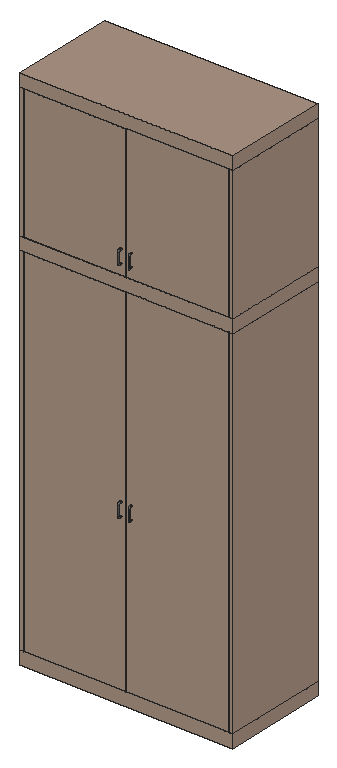
Revit family
Parameters (values of type "1200 x 600 mm")
  Width = 600 mm
  Material of Wardrobe = Wardrobe Material
  Wardrobe Height = 2100 mm
  Loft Storage Height = 825 mm
  Length = 1200 mm
  Material of Handle = Handle Material
Reference planes
  plane 1 "Center (Front/Back)": y = 0
  plane 2: z = 0
  plane 3 "Center (Left/Right)": x = 0
  plane 4: x = -600
  plane 5: x = 600
  plane 6: y = 300
  plane 7: y = -300
  plane 8: z = 2100
  plane 9: z = 2925
  plane 10: z = 3000
Forms (mm)
  Extrusion 1, solid, material "Wardrobe Material" <- "Material of Wardrobe"
    sketch origin (0, 0, 0) x (1, 0, 0) y (0, 1, 0)
      loop
        line (-600, 300) -> (-600, -300) -> (600, -300) -> (600, 300) -> (-600, 300)
    from 0 to 75
  Extrusion 2, solid, material "Wardrobe Material" <- "Material of Wardrobe"
    sketch origin (0, 0, 0) x (1, 0, 0) y (0, 1, 0)
      loop
        line (-600, 300) -> (-600, -300) -> (-581.213, -300) -> (-581.213, 281) -> (581.213, 281) -> (581.213, -300) -> (600, -300) -> (600, 300) -> (-600, 300)
      loop
        line (581, -300) -> (581, -281) -> (5, -281) -> (5, -300) -> (581, -300)
      loop
        line (-5, -281) -> (-581, -281) -> (-581, -300) -> (-5, -300) -> (-5, -281)
    from 75 to 2100
  Extrusion 3, solid, material "Wardrobe Material" <- "Material of Wardrobe"
    sketch origin (0, 0, 2100) x (0, -1, 0) y (-1, 0, 0)
      loop
        line (-300, 600) -> (-300, -600) -> (300, -600) -> (300, 600) -> (-300, 600)
    from 0 to -75
  Extrusion 4, solid, material "Wardrobe Material" <- "Material of Wardrobe"
    sketch origin (0, 0, 2100) x (0, -1, 0) y (-1, 0, 0)
      loop
        line (-300, 600) -> (-300, -600) -> (300, -600) -> (300, -581.213) -> (-281, -581.213) -> (-281, 581.213) -> (300, 581.213) -> (300, 600) -> (-300, 600)
      loop
        line (281, -581) -> (300, -581) -> (300, -5) -> (281, -5) -> (281, -581)
      loop
        line (281, 5) -> (300, 5) -> (300, 581) -> (281, 581) -> (281, 5)
    from -75 to -825
  Extrusion 5, solid, material "Wardrobe Material" <- "Material of Wardrobe"
    sketch origin (0, 0, 2925) x (0, -1, 0) y (-1, 0, 0)
      loop
        line (-300, 600) -> (-300, -600) -> (300, -600) -> (300, 600) -> (-300, 600)
    from 0 to -75
  Sweep 6, solid, material "Handle Material" <- "Material of Handle"
    path origin (0, 0, 0) x (0, 1, 0) y (0, 0, 1)
      loop
        line (-300, 950) -> (-311.884, 950)
        arc (-311.884, 950) -> (-318.054, 952.556) -> (-320.609, 958.725) r 8.725
        line (-320.609, 958.725) -> (-320.609, 1021.06)
        arc (-320.609, 1021.06) -> (-318.054, 1027.229) -> (-311.884, 1029.785) r 8.725
        line (-311.884, 1029.785) -> (-300, 1029.785)
    profile origin (0, 0, 989.892) x (0, -1, 0) y (1, 0, 0)
      loop
        circle (317.621, -29.622) r 3
  Sweep 7, solid, material "Handle Material" <- "Material of Handle"
    path origin (0, 0, 0) x (0, 1, 0) y (0, 0, -1)
      loop
        line (-300, -950) -> (-311.884, -950)
        arc (-311.884, -950) -> (-318.054, -952.556) -> (-320.609, -958.725) r 8.725
        line (-320.609, -958.725) -> (-320.609, -1021.06)
        arc (-320.609, -1021.06) -> (-318.054, -1027.229) -> (-311.884, -1029.785) r 8.725
        line (-311.884, -1029.785) -> (-300, -1029.785)
    profile origin (0, 0, 989.892) x (1, 0, 0) y (0, 1, 0)
      loop
        circle (29.622, -317.621) r 3
  Sweep 8, solid, material "Handle Material" <- "Material of Handle"
    path origin (0, 0, 1280) x (0, 1, 0) y (0, 0, 1)
      loop
        line (-300, 950) -> (-311.884, 950)
        arc (-311.884, 950) -> (-318.054, 952.556) -> (-320.609, 958.725) r 8.725
        line (-320.609, 958.725) -> (-320.609, 1021.06)
        arc (-320.609, 1021.06) -> (-318.054, 1027.229) -> (-311.884, 1029.785) r 8.725
        line (-311.884, 1029.785) -> (-300, 1029.785)
    profile origin (0, 0, 2269.892) x (0, -1, 0) y (1, 0, 0)
      loop
        circle (317.621, -29.622) r 3
  Sweep 9, solid, material "Handle Material" <- "Material of Handle"
    path origin (0, 0, 1280) x (0, 1, 0) y (0, 0, -1)
      loop
        line (-300, -950) -> (-311.884, -950)
        arc (-311.884, -950) -> (-318.054, -952.556) -> (-320.609, -958.725) r 8.725
        line (-320.609, -958.725) -> (-320.609, -1021.06)
        arc (-320.609, -1021.06) -> (-318.054, -1027.229) -> (-311.884, -1029.785) r 8.725
        line (-311.884, -1029.785) -> (-300, -1029.785)
    profile origin (0, 0, 2269.892) x (1, 0, 0) y (0, 1, 0)
      loop
        circle (29.622, -317.621) r 3
Dimensions and locks
  equal spacing: plane 4, plane 3 "Center (Left/Right)", plane 5
  "Length": plane 4 to plane 5
  equal spacing: plane 7, plane 1 "Center (Front/Back)", plane 6
  "Width": plane 7 to plane 6
  "Wardrobe Height": plane 8 to level
  locked: plane 10 to plane 9 at 75
  "Loft Storage Height": plane 9 to plane 8
  plane 10 to level = 3000 mm
  aligned and locked: Extrusion 2 sketch curve to Extrusion 2 sketch curve
  aligned and locked: Extrusion 2 to Extrusion 1
  aligned and locked: plane 8 to Extrusion 2
  aligned and locked: Extrusion 3 to Extrusion 2
  aligned and locked: Extrusion 4 sketch curve to Extrusion 3  (x3)
  aligned and locked: Extrusion 4 sketch curve to Extrusion 2  (x13)
  aligned and locked: Extrusion 4 to Extrusion 3
  aligned and locked: plane 9 to Extrusion 4
  aligned and locked: Extrusion 5 to Extrusion 4
  aligned and locked: plane 10 to Extrusion 5
Automatic sketch dimensions
  Extrusion 2 sketch curve to plane 7 = 0 mm  (x3)
  plane 4 to Extrusion 2 sketch curve = 18.787 mm
  Extrusion 2 sketch curve to Extrusion 2 sketch curve = 0.213 mm  (x2)
  Extrusion 2 sketch curve to plane 3 "Center (Left/Right)" = 5 mm
  plane 3 "Center (Left/Right)" to Extrusion 2 sketch curve = 5 mm
  Extrusion 2 sketch curve to plane 5 = 19 mm
  Extrusion 2 sketch curve to plane 7 = 19 mm
  Extrusion 2 sketch curve to Extrusion 2 sketch curve = 0 mm
  plane 6 to Extrusion 2 sketch curve = 19 mm
  Sweep 6 sketch curve to plane 7 = 0 mm  (x2)
  plane 7 to Sweep 6 sketch curve = 11.884 mm
  Sweep 6 sketch curve to Sweep 6 sketch curve = 11.884 mm
  Sweep 6 sketch curve to Sweep 6 sketch curve = 8.725 mm
  Sweep 6 sketch curve to Sweep 6 sketch curve = 62.335 mm
  level to Sweep 6 sketch curve = 950 mm
  Sweep 6 sketch curve to plane 3 "Center (Left/Right)" = 29.622 mm
  profile plane to Sweep 6 sketch curve = 2.988 mm
  Sweep 7 sketch curve to plane 7 = 0 mm  (x2)
  plane 7 to Sweep 7 sketch curve = 11.884 mm
  Sweep 7 sketch curve to Sweep 7 sketch curve = 11.884 mm
  Sweep 7 sketch curve to Sweep 7 sketch curve = 8.725 mm
  level to Sweep 7 sketch curve = 1029.785 mm
  Sweep 7 sketch curve to Sweep 7 sketch curve = 62.335 mm
  Sweep 7 sketch curve to profile plane = 2.988 mm
  Sweep 8 sketch curve to plane 7 = 0 mm  (x2)
  plane 7 to Sweep 8 sketch curve = 11.884 mm
  Sweep 8 sketch curve to Sweep 8 sketch curve = 11.884 mm
  Sweep 8 sketch curve to Sweep 8 sketch curve = 8.725 mm
  Sweep 8 sketch curve to plane 8 = 130 mm
  Sweep 8 sketch curve to Sweep 8 sketch curve = 62.335 mm
  profile plane to Sweep 8 sketch curve = 2.988 mm
  Sweep 9 sketch curve to plane 7 = 0 mm  (x2)
  plane 7 to Sweep 9 sketch curve = 11.884 mm
  Sweep 9 sketch curve to Sweep 9 sketch curve = 11.884 mm
  Sweep 9 sketch curve to Sweep 9 sketch curve = 8.725 mm
  Sweep 9 sketch curve to plane 8 = 209.785 mm
  Sweep 9 sketch curve to Sweep 9 sketch curve = 62.335 mm
  Sweep 9 sketch curve to profile plane = 2.988 mm
  Extrusion 1 sketch curve to plane 4 = 0 mm
  Extrusion 1 sketch curve to plane 5 = 0 mm
  Extrusion 1 sketch curve to plane 7 = 0 mm
  Extrusion 1 sketch curve to plane 6 = 0 mm
  Extrusion 2 sketch curve to plane 4 = 0 mm
  Extrusion 2 sketch curve to plane 5 = 0 mm
  Extrusion 2 sketch curve to plane 6 = 0 mm
  Extrusion 3 sketch curve to plane 5 = 0 mm
  Extrusion 3 sketch curve to plane 6 = 0 mm
  Extrusion 3 sketch curve to plane 4 = 0 mm
  Extrusion 3 sketch curve to plane 7 = 0 mm
  Extrusion 5 sketch curve to plane 5 = 0 mm
  Extrusion 5 sketch curve to plane 6 = 0 mm
  Extrusion 5 sketch curve to plane 4 = 0 mm
  Extrusion 5 sketch curve to plane 7 = 0 mm
  radius of Sweep 6 sketch curve = 3 mm
  radius of Sweep 7 sketch curve = 3 mm
  radius of Sweep 8 sketch curve = 3 mm
  radius of Sweep 9 sketch curve = 3 mm
